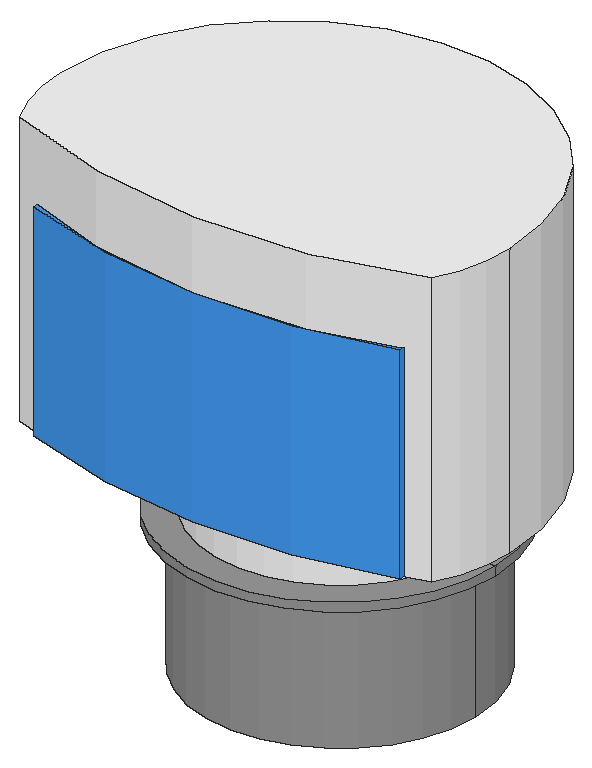
Revit family "HL_Вентиляционный клапан_HL901", category Příslušenství trubek, Revit 2016
Family settings
  Typ součásti = Ventil – zalomení do
  Kóta kulaté spojky = Použít průměr
  Číslo OmniClass = 23.70.50.21
  Nadpis OmniClass = Liquid Waste Collection and Removal
  Založené na pracovní rovině = Ne
  Vždy vertikální = Ano
  Ořezat dutým tvarem při načtení = Ne
  Sdílené = Ne
Parameters (values of type "HL_Вентиляционный клапан_HL901")
  РАЗМЕР = "DN75/90/110"
  ПРОПУСКНАЯ СПОСОБНОСТЬ = 0.0 m³/h
  ПРОИЗВОДИТЕЛЬНОСТЬ = "32 l/s"
  ПРАВОВАЯ ИНФОРМАЦИЯ = "\"Авторские права(©), права на дизайн или какие либо другие права интелектуальной собственности являются исключительной собственностью компании HL Hutterer & Lechner. Изменению не подлежит. Файл семейства с данными о прозводителе изделия защищен паролем с водяным знаком.\""
  НОМИНАЛЬНЫЙ ДИАМЕТР [instance] = 110 mm
  МАТЕРИАЛ = "ABS/ PP"
  ВЕС = "0,362 kg"
  x [instance] = if(b = 60 mm, -10 mm, 75 mm)  # 75 mm
  c [instance] = НОМИНАЛЬНЫЙ ДИАМЕТР = 90 mm  # no
  b [instance] = if(НОМИНАЛЬНЫЙ ДИАМЕТР = 110 mm, 0 mm, if(НОМИНАЛЬНЫЙ ДИАМЕТР = 90 mm, 0 mm, if(НОМИНАЛЬНЫЙ ДИАМЕТР = 75 mm, 0 mm, 60 mm)))  # 0 mm
  a [instance] = if(НОМИНАЛЬНЫЙ ДИАМЕТР = 110 mm, 169 mm, 156 mm)  # 169 mm
  Výrobce = "HL Hutterer & Lechner GmbH"
  URL = "http://www.hutterer-lechner.com/ru/products/catalog/roof-drains/HL901.aspx"
  Popis = "Вентиляционный клапан"
  Model = "HL901"
  материал 3 = Plactic - Black
  материал 2 = Plastic - Blue
  материал = Plactic - White
  Komentáře k typům = "Вентиляционный клапан DN75/90/110 с двойной теплоизолированной стенкой и многоязычковой уплотнительной прокладкой"
  Keynote = "HL901"
  d [instance] = not(c)  # yes
  EAN = "9003076031269"
  Cena = 0
Reference planes
  plane 1 "Střed (vpředu/vzadu)": y = 0
  plane 2: z = 0
  plane 3 "Střed (vlevo/vpravo)": x = 0
  plane 4: z = 156
  plane 5: z = 81
Forms (mm)
  Extrusion 1, solid, material "Plactic - White" <- "материал", detail levels fine
    sketch origin (0, 0, 0) x (0, -1, 0) y (1, 0, 0)
      loop
        arc (23.978, 79.033) -> (-55.055, 0) -> (23.978, -79.033) r 79.033
        arc (23.978, -79.033) -> (37.406, -77.384) -> (50.037, -72.536) r 55.507
        arc (50.037, -72.536) -> (64.507, 0) -> (50.037, 72.536) r 189.042
        arc (50.037, 72.536) -> (37.406, 77.384) -> (23.978, 79.033) r 55.507
    from 60 to 156
  Extrusion 2, solid, material "Plactic - White" <- "материал", detail levels fine
    sketch origin (0, 0, 0) x (1, 0, 0) y (0, 1, 0)
      loop
        circle (0, 0) r 45
    from 0 <- "b" to 60
  Extrusion 3, solid, material "Plastic - Blue" <- "материал 2", detail levels fine
    sketch origin (0, 0, 0) x (1, 0, 0) y (0, 1, 0)
      loop
        arc (-64.4, -54.088) -> (0, -64.866) -> (64.4, -54.088) r 197.789
        line (64.4, -54.088) -> (64.4, -52.09)
        arc (64.4, -52.09) -> (0, -62.868) -> (-64.4, -52.09) r 197.789
        line (-64.4, -52.09) -> (-64.4, -54.088)
    from 60 to 132.2
  Revolve 4, solid, material "Plactic - Black" <- "материал 3", visible <- "d", detail levels fine
    sketch origin (0, 0, 67.993) x (1, 0, 0) y (0, 0, 1)
      loop
        line (55, -30.979) -> (0, -30.979) -> (0, -67.993) -> (36.708, -67.993) -> (45.018, -73.679) -> (45.018, -80.979) -> (48.004, -80.979) -> (48.004, -33.979) -> (55, -33.979) -> (55, -30.979)
      axis (0, -30.979) -> (0, -80.979)
    angle from 0 to 360
Lines and regions (mm)
  reference lines
    curve 1: line (0, 0, 156) -> (0, 0, -13)
  model lines, detail levels coarse+medium
    curve 2: line (0, 0, 81) -> (0, 0, -13)
    curve 3: line (0, 0, 156) -> (-75, 0, 81)
    curve 4: line (0, 0, 156) -> (75, 0, 81)
  symbolic lines, detail levels coarse+medium
    curve 5: line (0, -100, 0) -> (100, 0, 0)
    curve 6: line (0, -100, 0) -> (-100, 0, 0)
Dimensions and locks
  locked: plane 4 to plane 2 at 156
  "a": plane 4 to curve 1
  "x": plane 4 to plane 5
  "a": plane 4 to curve 2
  aligned and locked: level to plane 2
  aligned and locked: Extrusion 2 to Extrusion 1
  aligned and locked: plane 4 to curve 1
  aligned and locked: plane 5 to curve 2
Automatic sketch dimensions
  Extrusion 1 sketch curve to plane 3 "Střed (vlevo/vpravo)" = 0 mm  (x2)
  Extrusion 1 sketch curve to plane 1 "Střed (vpředu/vzadu)" = 124.536 mm
  plane 1 "Střed (vpředu/vzadu)" to Extrusion 1 sketch curve = 23.978 mm
  Extrusion 1 sketch curve to Extrusion 1 sketch curve = 23.527 mm
  plane 3 "Střed (vlevo/vpravo)" to Extrusion 1 sketch curve = 23.527 mm
  Extrusion 1 sketch curve to Extrusion 1 sketch curve = 26.059 mm  (x2)
  Extrusion 1 sketch curve to Extrusion 1 sketch curve = 49.01 mm
  Extrusion 1 sketch curve to Extrusion 1 sketch curve = 0 mm
  plane 1 "Střed (vpředu/vzadu)" to Extrusion 2 sketch curve = 0 mm
  Extrusion 2 sketch curve to plane 3 "Střed (vlevo/vpravo)" = 0 mm
  Extrusion 3 sketch curve to plane 3 "Střed (vlevo/vpravo)" = 0 mm  (x2)
  Extrusion 3 sketch curve to plane 3 "Střed (vlevo/vpravo)" = 64.4 mm
  plane 3 "Střed (vlevo/vpravo)" to Extrusion 3 sketch curve = 64.4 mm
  plane 1 "Střed (vpředu/vzadu)" to Extrusion 3 sketch curve = 54.088 mm
  Extrusion 3 sketch curve to Extrusion 3 sketch curve = 1.999 mm  (x2)
  Extrusion 3 sketch curve to plane 1 "Střed (vpředu/vzadu)" = 132.922 mm
  Revolve 4 sketch curve to plane 3 "Střed (vlevo/vpravo)" = 0 mm  (x2)
  plane 3 "Střed (vlevo/vpravo)" to Revolve 4 sketch curve = 36.708 mm
  Revolve 4 sketch curve to Revolve 4 sketch curve = 8.31 mm
  Revolve 4 sketch curve to Revolve 4 sketch curve = 2.985 mm
  Revolve 4 sketch curve to Revolve 4 sketch curve = 6.996 mm
  Revolve 4 sketch curve to level = 12.986 mm
  Revolve 4 sketch curve to Revolve 4 sketch curve = 7.3 mm
  Revolve 4 sketch curve to Revolve 4 sketch curve = 5.686 mm
  level to Revolve 4 sketch curve = 34.014 mm
  Revolve 4 sketch curve to Revolve 4 sketch curve = 3 mm
  Revolve 4 sketch curve to Revolve 4 sketch curve = 62.986 mm
  Revolve 4 sketch curve to Revolve 4 sketch curve = 40 mm
  plane 1 "Střed (vpředu/vzadu)" to curve 6 = 0 mm
  curve 6 to plane 3 "Střed (vlevo/vpravo)" = 0 mm
  plane 1 "Střed (vpředu/vzadu)" to curve 5 = 0 mm
  plane 1 "Střed (vpředu/vzadu)" to curve 5 = 100 mm
  curve 6 to plane 3 "Střed (vlevo/vpravo)" = 100 mm
  curve 3 to plane 5 = 0 mm
  curve 3 to plane 3 "Střed (vlevo/vpravo)" = 0 mm
  curve 2 to plane 3 "Střed (vlevo/vpravo)" = 0 mm
  curve 4 to plane 5 = 0 mm
  curve 4 to plane 4 = 0 mm
  curve 3 to plane 3 "Střed (vlevo/vpravo)" = 75 mm
  curve 1 to plane 3 "Střed (vlevo/vpravo)" = 0 mm
  radius of Extrusion 2 sketch curve = 45 mm
Connectors
  piping at (0, 0, -13), diameter 110, driven by "ПРОПУСКНАЯ СПОСОБНОСТЬ", driven by "НОМИНАЛЬНЫЙ ДИАМЕТР"
    settings: on curve 1, index 1, connector inside diameter 609.6 mm, connector length 0 mm, flow factor 0, pipe flow 0.0 m³/h, pressure drop 0.0 Pa, fitting loss kfactor 0, connector angle 0.00°, fixture units 0, engagement length 0 mm, angle of deflection 0.00°, flow configuration 0, flow direction 0, fitting loss method 0, system type 16, joint type 0, gender type 0, connector reference index -1, connector utility 0, adjustable connector no, is connector primary yes, connector description ""
